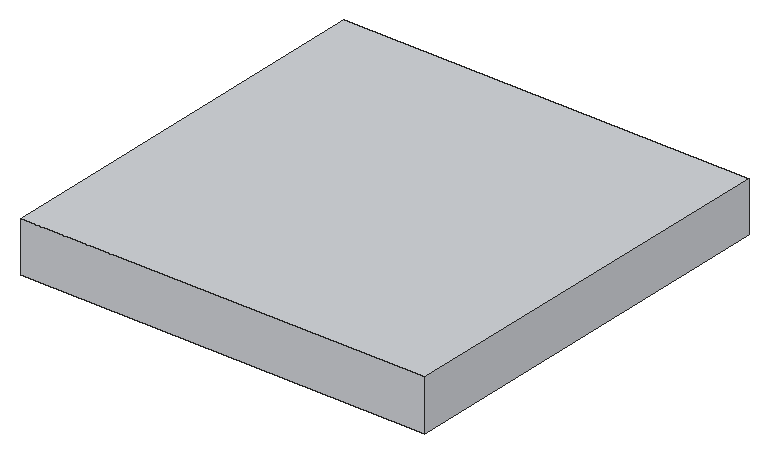
Revit family "05-9911-Z5-CL", category Luminarias, Revit 2017
Family settings
  Anfitrión = Cara
  Cota de conector redondo = Diámetro de uso
  Tipo de pieza = Normal
  Número OmniClass = 23.80.70.00
  Título OmniClass = Lighting
  Corte con vacíos al cargar = No
  Origen de luz = No
  Compartido = Sí
  Punto de cálculo de habitación = No
Parameters (values of type "05-9911-Z5-CL")
  Versión = "v1"
  Vatios (W) = 17.9
  Tipo de regulación = ""
  Tipo = "Aplique"
  Tender text (English) = "LEDS C4\nAfrodita LED 220mm Double Emission\n05-9911-Z5-CL\n\nWall light for outdoor use. \n\nFor uplighting and downlighting. Structure material: Aluminium. Structure finish: Urban grey. Diffuser material: Glass. Diffuser finish: Partly-sandblasted. UV protection. Warranty: 5 Years.\n\nProduct net weight (Kg): 1.480\nProduct width or diameter (mm): 220\nProduct height (mm): 90\nProduct aperture (mm): 120\n\nClass 1. Glow wire test: 850. IP: IP65. IK: IK04. LED. No. of lampholders or LEDs: 18. LED brand: LEXTAR. Driver brand: EAGLERISE. Maximum power of light source: 17.5W. Colour temperature: LED warm-white 3000K. Colour rendering index: 80. MacAdam Steps: 3. Maximum diameter of luminaire bulb: 50.000h L80B20. UGR:  13.1. Photobiological risk: RG0. Real flux (lm): 1494. Nominal flux (lm): 1763. Lm/Real W: 83. Voltage and frequency range: 100-240/50-60Hz. Voltage: 6. Gear included: Yes, electronic. Multi-voltage gear included. Total power: 17.9. Power factor: 0.90."
  Tender text (Castellano) = "LEDS C4\nAfrodita LED 220mm Double Emission\n05-9911-Z5-CL\n\nAplique de uso exterior para iluminar hacia arriba y hacia abajo \nMaterial estructura: Aluminio. Acabado estructura: Gris urbano. Material difusor: Cristal. Acabado difusor: Semi arenado. Protección contra los rayos ultravioleta. Garantía: 5 Años.\n\nPeso neto del producto (Kg): 1.480\nAnchura o diámetro del producto (mm): 220\nAltura del producto (mm): 90\nSalida del producto (mm): 120\n\nClase 1. Prueba hilo incandescente: 850. IP: IP65. IK: IK04. LED. Nº de portalámparas o Leds: 18. Marca del LED: LEXTAR. Marca del Driver: EAGLERISE. Potencia máxima de la fuente de luz: 17.5W. Temperatura de color: Blanco cálido - 3000K. Índice de reproducción cromática: 80. Steps Mac Adam: 3. Diámetro máximo de la bombilla que admite la luminaria: 50.000h L80B20. UGR:  13.1. Riesgo fotobiológico: RG0. Flujo real (lm): 1494. Flujo nominal (lm): 1763. Lm/W reales: 83. Rango de voltaje/frecuencia: 100-240/50-60Hz. Voltaje: 6. Equipo incluido: Si, electrónico. Equipo multivoltaje incluido. Potencia total: 17.9. Factor de potencia: 0.90."
  Temperatura color led (K) = "Blanco cálido - 3000K"
  Referencia = "05-9911-Z5-CL"
  Rayo de luz = "Check Photometric file"
  Producto descatalogado = "Catalogado ES"
  Pluma comercial = "http://files.leds-c4.com/pl/05-9911-Z5-CL.html"
  Peso neto (KG) = 1.48
  Material = "Aluminio, Cristal"
  Lumenes reales (lm) = 1494
  LDT = "http://files.leds-c4.com/ldt/05-9911-Z5-CL.html"
  Imagen web = "http://files.leds-c4.com/main-photo/05-9911-Z5-CL"
  IfcExportType = "NOTDEFINED"
  IfcExportAs = "IfcLightFixture\r\nIfcLightFixture"
  IP = "IP65"
  IMC = "http://files.leds-c4.com/imc/05-9911-Z5-CL.html"
  IK = "IK04"
  Fuente de luz = "18xLED 17.5 1763.00 lm"
  Fotometría = "http://files.leds-c4.com/fm/05-9911-Z5-CL.html"
  Ficha = "http://files.leds-c4.com/ft/es/05-9911-Z5-CL.html"
  FechaVersion = "Julio 2020"
  Familia = "Afrodita LED 220mm Double Emission"
  Fabricante = "LEDS C4"
  Etiqueta V/f = "100-240V/50-60Hz"
  Elevación por defecto = 1000 mm
  Eficiencia energética = "LED A++"
  EAN13 = "8435381439279"
  DescripcionUniformat2010 = "Lighting"
  DescripcionUniclass2015 = "Lighting"
  DescripcionOmniclass = "Lighting"
  DescripcionGubimclass = "Iluminación interior"
  CodigoUniformat2010 = "D5040"
  CodigoUniclass2015 = "EF_70_80"
  CodigoOmniclass = "21-04 50 40"
  CodigoGubimclass = "50.60.50.20"
  Catálogo = "Outdoor"
  Carga aparente = 0 VA
  CRI = 80
  Acabado = "Gris urbano, Semi arenado"
Types (2, lengths in mm): name | Lumenes reales (lm) | CRI
  (no name) | 0 | 0
  05-9911-Z5-CL | 1494 | 80
Values of the unnamed type that differ from the named types
  Vatios (W) = 0
  Tipo = ""
  Tender text (English) = ""
  Tender text (Castellano) = ""
  Temperatura color led (K) = ""
  Referencia = ""
  Rayo de luz = ""
  Producto descatalogado = ""
  Pluma comercial = ""
  Peso neto (KG) = 0
  Material = ""
  LDT = ""
  Imagen web = ""
  IP = ""
  IMC = ""
  IK = ""
  Fuente de luz = ""
  Fotometría = ""
  Ficha = ""
  Familia = ""
  Etiqueta V/f = ""
  Eficiencia energética = ""
  EAN13 = ""
  Catálogo = ""
  Acabado = ""
Reference planes
  plane 1 "Centro (Frontal/Posterior)": y = 0
  plane 2: z = 0
  plane 3 "Centro (Izquierda/Derecha)": x = 0
  plane 4 "Elevación de origen de luz": z = 0
  plane 5 "Eje de origen de luz (F/P)": y = 0
  plane 6 "Eje de origen de luz (I/D)": x = 0
Forms (mm)
  Extrusion 1, solid
    sketch origin (0, 0, 0) x (1, 0, 0) y (0, 1, 0)
      loop
        line (-1219.2, 1219.2) -> (-1219.2, -1219.2) -> (1219.2, -1219.2) -> (1219.2, 1219.2) -> (-1219.2, 1219.2)
    from 0 to -304.8
Dimensions and locks
  aligned and locked: plane 2 to Extrusion 1
  aligned and locked: level to Extrusion 1
Connectors
  electrical at (0, 0, 0)
    settings: on Extrusion 1, index 1, voltage 0 V, apparent load 0 VA, apparent load phase1 0 VA, apparent load phase2 0 VA, apparent load phase3 0 VA, power factor 1, load classification "Otro", number of poles 1, system type 31, power factor state 1, is connector primary yes, connector utility no, sub classification motor no, connector description ""
